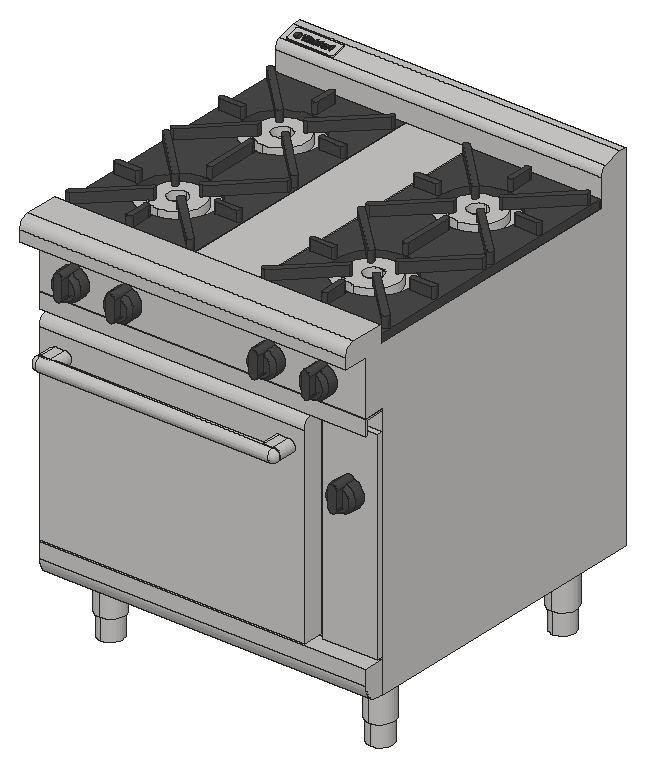
Revit family "QF_MOFFAT WALDORF_RNL8510G", category Specialty Equipment, Revit 2012
Parameters
  Weight in Pounds = 401.2408
  URL Cutsheet = "www.moffat.com"
  URL = "www.moffat.com"
  Type Mark [instance] = ""
  Status [instance] = ""
  Specification by User [instance] = ""
  Specification by Manufacturer = ""
  Show Logo [instance] = yes
  Show Clearance [instance] = yes
  Show Casters [instance] = no
  Serial Number = ""
  Seismic Rating = ""
  SMACNA No = ""
  Revision Code [instance] = ""
  Omniclass Number and Title = ""
  NAFEM Spec ID Number = ""
  Model = "RNL8510G"
  Mechanical Remarks [instance] = ""
  Mechanical Connection Type [instance] = ""
  Masterspec = ""
  Manufacturer = "MOFFAT WALDORF"
  Legs [instance] = not(Show Casters)  # yes
  Item Number [instance] = ""
  Installed By [instance] = ""
  Identify Quantity as Lot [instance] = yes
  Gas Size = 3/4"
  Gas RI Height [instance] = 0 mm
  Gas KW [instance] = 39.4
  Gas Input [instance] = 134590.0 Btu/h
  Gas Connection Height = 0 mm
  Furnished By [instance] = ""
  Foodservice Equipment Identifier [instance] = yes
  Description = "RANGE LOW SPLASHBACK GAS WITH STATIC OVEN"
  CSI MasterFormat = ""
  CSI Master Format = ""
Reference planes
  plane 1 "BACK": y = 0
  plane 2: z = 0
  plane 3 "LEFT": x = 0
  plane 4 "RIGHT": x = 750
  plane 5 "FRONT": y = -805
  plane 6 "TOP": z = 970
  plane 7 "Center Y": x = 375
  plane 8 "Center X": y = -402.5
  plane 9: y = -100
  plane 10 "Base Height": z = 150
  plane 11: x = 65.8
  plane 12: x = 620
  plane 13: x = 685
  plane 14: x = 684.2
  plane 15: y = -500
  plane 16: x = 676
Forms (mm)
  Extrusion 1, solid, material "QF_Finishes_Stainless Steel"
    sketch origin (0, 0, 0) x (0, 1, 0) y (0, 0, 1)
      loop
        line (-805, 891) -> (-805, 866) -> (-749, 866) -> (-749, 740) -> (-699, 740) -> (-699, 150) -> (0, 150) -> (0, 970) -> (-16.5, 970) -> (-58.709, 958.69)
        arc (-58.709, 958.69) -> (-66.975, 950.425) -> (-70, 939.134) r 22.582
        line (-70, 939.134) -> (-70, 875) -> (-705, 875) -> (-705, 915) -> (-781, 915)
        arc (-781, 915) -> (-797.971, 907.971) -> (-805, 891) r 24
      loop
        line (-701, 222.5) -> (-749, 222.5) -> (-749, 188)
        arc (-749, 188) -> (-737.87, 161.13) -> (-711, 150) r 38
        line (-711, 150) -> (-701, 150) -> (-701, 222.5)
      loop
        line (-701, 227.5) -> (-701, 692.5) -> (-722.805, 692.5)
        arc (-722.805, 692.5) -> (-741.328, 684.828) -> (-749, 666.305) r 26.195
        line (-749, 666.305) -> (-749, 227.5) -> (-701, 227.5)
      loop
        line (-749, 738) -> (-749, 703) -> (-745.98, 703) -> (-745.98, 735) -> (-701, 735) -> (-701, 738) -> (-749, 738)
    from 0 to 750
  Extrusion 2, solid, material "QF_Finishes_Stainless Steel"
    sketch origin (555.062, 3, 100) x (1, 0, 0) y (0, 1, 0)
      loop
        circle (65, -35) r 13.5
    from 555 to 640
  Revolve 3, solid, material "QF_Finishes_Stainless Steel", visible <- "Legs"
    sketch origin (65, -165, 0) x (0, 1, 0) y (0, 0, 1)
      loop
        line (33.25, 150) -> (33.25, 50) -> (37.5, 50) -> (37.5, 0) -> (65, 0) -> (65, 150) -> (33.25, 150)
      axis (65, 150) -> (65, 0)
    angle from 0 to 360
  Revolve 4, solid, material "QF_Finishes_Stainless Steel"
    sketch origin (65, -735, 0) x (0, 1, 0) y (0, 0, 1)
      loop
        line (78.25, 150) -> (78.25, 50) -> (82.5, 50) -> (82.5, 0) -> (110, 0) -> (110, 150) -> (78.25, 150)
      axis (110, 150) -> (110, 0)
    angle from 0 to 360
  Extrusion 5, solid, material "QF_Finishes_Black"
    sketch origin (0, -70, 875) x (0, -1, 0) y (1, 0, 0)
      loop
        arc (1, 4) -> (1.879, 1.879) -> (4, 1) r 3
        line (4, 1) -> (631, 1)
        arc (631, 1) -> (633.121, 1.879) -> (634, 4) r 3
        line (634, 4) -> (634, 297)
        arc (634, 297) -> (633.121, 299.121) -> (631, 300) r 3
        line (631, 300) -> (4, 300)
        arc (4, 300) -> (1.879, 299.121) -> (1, 297) r 3
        line (1, 297) -> (1, 4)
      loop
        circle (167.5, 150) r 85
      loop
        circle (467.768, 150) r 85
    from 0 to 19.5
  Extrusion 6, solid, material "QF_Finishes_Black"
    sketch origin (0, -70, 894.5) x (0, -1, 0) y (1, 0, 0)
      loop
        spline (323.602, 15.153) -> (322.681, 13.924) -> (322.131, 12.47) -> (321.99, 10.89) -> (322.267, 9.292) -> (322.943, 7.786) -> (323.973, 6.473) -> (325.286, 5.443) -> (326.792, 4.767) -> (328.39, 4.49) -> (329.97, 4.631) -> (331.424, 5.181) -> (332.653, 6.102)
        line (332.653, 6.102) -> (440.576, 114.025)
        spline (440.576, 114.025) -> (441.337, 115.095) -> (441.738, 116.399) -> (441.751, 117.851) -> (441.375, 119.35) -> (440.637, 120.795) -> (439.586, 122.086) -> (438.295, 123.137) -> (436.85, 123.875) -> (435.351, 124.251) -> (433.899, 124.238) -> (432.595, 123.837) -> (431.525, 123.076)
        line (431.525, 123.076) -> (323.602, 15.153)
      loop
        line (611.398, 15.153) -> (503.475, 123.076)
        spline (503.475, 123.076) -> (502.405, 123.837) -> (501.101, 124.238) -> (499.649, 124.251) -> (498.15, 123.875) -> (496.705, 123.137) -> (495.414, 122.086) -> (494.363, 120.795) -> (493.625, 119.35) -> (493.249, 117.851) -> (493.262, 116.399) -> (493.663, 115.095) -> (494.424, 114.025)
        line (494.424, 114.025) -> (602.347, 6.102)
        spline (602.347, 6.102) -> (603.416, 5.341) -> (604.721, 4.941) -> (606.172, 4.928) -> (607.671, 5.303) -> (609.116, 6.041) -> (610.408, 7.092) -> (611.459, 8.384) -> (612.197, 9.829) -> (612.572, 11.328) -> (612.559, 12.779) -> (612.159, 14.084) -> (611.398, 15.153)
      loop
        spline (375.602, 143.6) -> (376.896, 143.818) -> (378.102, 144.457) -> (379.138, 145.475) -> (379.932, 146.8) -> (380.432, 148.344) -> (380.602, 150) -> (380.432, 151.656) -> (379.932, 153.2) -> (379.138, 154.525) -> (378.102, 155.543) -> (376.896, 156.182) -> (375.602, 156.4)
        line (375.602, 156.4) -> (259.398, 156.4)
        spline (259.398, 156.4) -> (258.104, 156.182) -> (256.898, 155.543) -> (255.862, 154.525) -> (255.068, 153.2) -> (254.568, 151.656) -> (254.398, 150) -> (254.568, 148.344) -> (255.068, 146.8) -> (255.862, 145.475) -> (256.898, 144.457) -> (258.104, 143.818) -> (259.398, 143.6)
        line (259.398, 143.6) -> (375.602, 143.6)
      loop
        spline (23.602, 15.153) -> (22.681, 13.924) -> (22.131, 12.47) -> (21.99, 10.89) -> (22.267, 9.292) -> (22.943, 7.786) -> (23.973, 6.473) -> (25.286, 5.443) -> (26.792, 4.767) -> (28.39, 4.49) -> (29.97, 4.631) -> (31.424, 5.181) -> (32.653, 6.102)
        line (32.653, 6.102) -> (140.576, 114.025)
        spline (140.576, 114.025) -> (141.337, 115.095) -> (141.738, 116.399) -> (141.751, 117.851) -> (141.375, 119.35) -> (140.637, 120.795) -> (139.586, 122.086) -> (138.295, 123.137) -> (136.85, 123.875) -> (135.351, 124.251) -> (133.899, 124.238) -> (132.595, 123.837) -> (131.525, 123.076)
        line (131.525, 123.076) -> (23.602, 15.153)
      loop
        line (311.398, 15.153) -> (203.475, 123.076)
        spline (203.475, 123.076) -> (202.405, 123.837) -> (201.101, 124.238) -> (199.649, 124.251) -> (198.15, 123.875) -> (196.705, 123.137) -> (195.414, 122.086) -> (194.363, 120.795) -> (193.625, 119.35) -> (193.249, 117.851) -> (193.262, 116.399) -> (193.663, 115.095) -> (194.424, 114.025)
        line (194.424, 114.025) -> (302.347, 6.102)
        spline (302.347, 6.102) -> (303.416, 5.341) -> (304.721, 4.941) -> (306.172, 4.928) -> (307.671, 5.303) -> (309.116, 6.041) -> (310.408, 7.092) -> (311.459, 8.384) -> (312.197, 9.829) -> (312.572, 11.328) -> (312.559, 12.779) -> (312.159, 14.084) -> (311.398, 15.153)
      loop
        line (323.602, 284.847) -> (431.525, 176.924)
        spline (431.525, 176.924) -> (432.595, 176.163) -> (433.899, 175.762) -> (435.351, 175.749) -> (436.85, 176.125) -> (438.295, 176.863) -> (439.586, 177.914) -> (440.637, 179.205) -> (441.375, 180.65) -> (441.751, 182.149) -> (441.738, 183.601) -> (441.337, 184.905) -> (440.576, 185.975)
        line (440.576, 185.975) -> (332.653, 293.898)
        spline (332.653, 293.898) -> (331.424, 294.819) -> (329.97, 295.369) -> (328.39, 295.51) -> (326.792, 295.233) -> (325.286, 294.557) -> (323.973, 293.527) -> (322.943, 292.214) -> (322.267, 290.708) -> (321.99, 289.11) -> (322.131, 287.53) -> (322.681, 286.076) -> (323.602, 284.847)
      loop
        spline (611.398, 284.847) -> (612.159, 285.916) -> (612.559, 287.221) -> (612.572, 288.672) -> (612.197, 290.171) -> (611.459, 291.616) -> (610.408, 292.908) -> (609.116, 293.959) -> (607.671, 294.697) -> (606.172, 295.072) -> (604.721, 295.059) -> (603.416, 294.659) -> (602.347, 293.898)
        line (602.347, 293.898) -> (494.424, 185.975)
        spline (494.424, 185.975) -> (493.663, 184.905) -> (493.262, 183.601) -> (493.249, 182.149) -> (493.625, 180.65) -> (494.363, 179.205) -> (495.414, 177.914) -> (496.705, 176.863) -> (498.15, 176.125) -> (499.649, 175.749) -> (501.101, 175.762) -> (502.405, 176.163) -> (503.475, 176.924)
        line (503.475, 176.924) -> (611.398, 284.847)
      loop
        line (23.602, 284.847) -> (131.525, 176.924)
        spline (131.525, 176.924) -> (132.595, 176.163) -> (133.899, 175.762) -> (135.351, 175.749) -> (136.85, 176.125) -> (138.295, 176.863) -> (139.586, 177.914) -> (140.637, 179.205) -> (141.375, 180.65) -> (141.751, 182.149) -> (141.738, 183.601) -> (141.337, 184.905) -> (140.576, 185.975)
        line (140.576, 185.975) -> (32.653, 293.898)
        spline (32.653, 293.898) -> (31.424, 294.819) -> (29.97, 295.369) -> (28.39, 295.51) -> (26.792, 295.233) -> (25.286, 294.557) -> (23.973, 293.527) -> (22.943, 292.214) -> (22.267, 290.708) -> (21.99, 289.11) -> (22.131, 287.53) -> (22.681, 286.076) -> (23.602, 284.847)
      loop
        spline (311.398, 284.847) -> (312.159, 285.916) -> (312.559, 287.221) -> (312.572, 288.672) -> (312.197, 290.171) -> (311.459, 291.616) -> (310.408, 292.908) -> (309.116, 293.959) -> (307.671, 294.697) -> (306.172, 295.072) -> (304.721, 295.059) -> (303.416, 294.659) -> (302.347, 293.898)
        line (302.347, 293.898) -> (194.424, 185.975)
        spline (194.424, 185.975) -> (193.663, 184.905) -> (193.262, 183.601) -> (193.249, 182.149) -> (193.625, 180.65) -> (194.363, 179.205) -> (195.414, 177.914) -> (196.705, 176.863) -> (198.15, 176.125) -> (199.649, 175.749) -> (201.101, 175.762) -> (202.405, 176.163) -> (203.475, 176.924)
        line (203.475, 176.924) -> (311.398, 284.847)
      loop
        spline (73.549, 143.6) -> (74.844, 143.818) -> (76.049, 144.457) -> (77.085, 145.475) -> (77.88, 146.8) -> (78.379, 148.344) -> (78.549, 150) -> (78.379, 151.656) -> (77.88, 153.2) -> (77.085, 154.525) -> (76.049, 155.543) -> (74.844, 156.182) -> (73.549, 156.4)
        line (73.549, 156.4) -> (25.093, 156.4)
        spline (25.093, 156.4) -> (23.799, 156.182) -> (22.593, 155.543) -> (21.558, 154.525) -> (20.763, 153.2) -> (20.264, 151.656) -> (20.093, 150) -> (20.264, 148.344) -> (20.763, 146.8) -> (21.558, 145.475) -> (22.593, 144.457) -> (23.799, 143.818) -> (25.093, 143.6)
        line (25.093, 143.6) -> (73.549, 143.6)
      loop
        spline (607.1, 143.6) -> (608.394, 143.818) -> (609.6, 144.457) -> (610.636, 145.475) -> (611.43, 146.8) -> (611.93, 148.344) -> (612.1, 150) -> (611.93, 151.656) -> (611.43, 153.2) -> (610.636, 154.525) -> (609.6, 155.543) -> (608.394, 156.182) -> (607.1, 156.4)
        line (607.1, 156.4) -> (558.644, 156.4)
        spline (558.644, 156.4) -> (557.35, 156.182) -> (556.144, 155.543) -> (555.108, 154.525) -> (554.314, 153.2) -> (553.814, 151.656) -> (553.644, 150) -> (553.814, 148.344) -> (554.314, 146.8) -> (555.108, 145.475) -> (556.144, 144.457) -> (557.35, 143.818) -> (558.644, 143.6)
        line (558.644, 143.6) -> (607.1, 143.6)
      loop
        spline (461.234, 10.156) -> (461.452, 8.862) -> (462.091, 7.656) -> (463.108, 6.62) -> (464.434, 5.826) -> (465.978, 5.326) -> (467.634, 5.156) -> (469.29, 5.326) -> (470.834, 5.826) -> (472.159, 6.62) -> (473.177, 7.656) -> (473.816, 8.862) -> (474.034, 10.156)
        line (474.034, 10.156) -> (474.034, 58.612)
        spline (474.034, 58.612) -> (473.816, 59.906) -> (473.177, 61.112) -> (472.159, 62.148) -> (470.834, 62.942) -> (469.29, 63.442) -> (467.634, 63.612) -> (465.978, 63.442) -> (464.434, 62.942) -> (463.108, 62.148) -> (462.091, 61.112) -> (461.452, 59.906) -> (461.234, 58.612)
        line (461.234, 58.612) -> (461.234, 10.156)
      loop
        spline (160.966, 10.156) -> (161.184, 8.862) -> (161.823, 7.656) -> (162.841, 6.62) -> (164.166, 5.826) -> (165.71, 5.326) -> (167.366, 5.156) -> (169.022, 5.326) -> (170.566, 5.826) -> (171.892, 6.62) -> (172.909, 7.656) -> (173.548, 8.862) -> (173.766, 10.156)
        line (173.766, 10.156) -> (173.766, 58.612)
        spline (173.766, 58.612) -> (173.548, 59.906) -> (172.909, 61.112) -> (171.892, 62.148) -> (170.566, 62.942) -> (169.022, 63.442) -> (167.366, 63.612) -> (165.71, 63.442) -> (164.166, 62.942) -> (162.841, 62.148) -> (161.823, 61.112) -> (161.184, 59.906) -> (160.966, 58.612)
        line (160.966, 58.612) -> (160.966, 10.156)
      loop
        spline (461.234, 241.636) -> (461.452, 240.342) -> (462.091, 239.136) -> (463.108, 238.1) -> (464.434, 237.306) -> (465.978, 236.806) -> (467.634, 236.636) -> (469.29, 236.806) -> (470.834, 237.306) -> (472.159, 238.1) -> (473.177, 239.136) -> (473.816, 240.342) -> (474.034, 241.636)
        line (474.034, 241.636) -> (474.034, 290.092)
        spline (474.034, 290.092) -> (473.816, 291.386) -> (473.177, 292.592) -> (472.159, 293.628) -> (470.834, 294.422) -> (469.29, 294.922) -> (467.634, 295.092) -> (465.978, 294.922) -> (464.434, 294.422) -> (463.108, 293.628) -> (462.091, 292.592) -> (461.452, 291.386) -> (461.234, 290.092)
        line (461.234, 290.092) -> (461.234, 241.636)
      loop
        spline (160.966, 241.636) -> (161.184, 240.342) -> (161.823, 239.136) -> (162.841, 238.1) -> (164.166, 237.306) -> (165.71, 236.806) -> (167.366, 236.636) -> (169.022, 236.806) -> (170.566, 237.306) -> (171.892, 238.1) -> (172.909, 239.136) -> (173.548, 240.342) -> (173.766, 241.636)
        line (173.766, 241.636) -> (173.766, 290.092)
        spline (173.766, 290.092) -> (173.548, 291.386) -> (172.909, 292.592) -> (171.892, 293.628) -> (170.566, 294.422) -> (169.022, 294.922) -> (167.366, 295.092) -> (165.71, 294.922) -> (164.166, 294.422) -> (162.841, 293.628) -> (161.823, 292.592) -> (161.184, 291.386) -> (160.966, 290.092)
        line (160.966, 290.092) -> (160.966, 241.636)
      loop
        line (323.602, 734.847) -> (431.525, 626.924)
        spline (431.525, 626.924) -> (432.595, 626.163) -> (433.899, 625.762) -> (435.351, 625.749) -> (436.85, 626.125) -> (438.295, 626.863) -> (439.586, 627.914) -> (440.637, 629.205) -> (441.375, 630.65) -> (441.751, 632.149) -> (441.738, 633.601) -> (441.337, 634.905) -> (440.576, 635.975)
        line (440.576, 635.975) -> (332.653, 743.898)
        spline (332.653, 743.898) -> (331.424, 744.819) -> (329.97, 745.369) -> (328.39, 745.51) -> (326.792, 745.233) -> (325.286, 744.557) -> (323.973, 743.527) -> (322.943, 742.214) -> (322.267, 740.708) -> (321.99, 739.11) -> (322.131, 737.53) -> (322.681, 736.076) -> (323.602, 734.847)
      loop
        spline (611.398, 734.847) -> (612.159, 735.916) -> (612.559, 737.221) -> (612.572, 738.672) -> (612.197, 740.171) -> (611.459, 741.616) -> (610.408, 742.908) -> (609.116, 743.959) -> (607.671, 744.697) -> (606.172, 745.072) -> (604.721, 745.059) -> (603.416, 744.659) -> (602.347, 743.898)
        line (602.347, 743.898) -> (494.424, 635.975)
        spline (494.424, 635.975) -> (493.663, 634.905) -> (493.262, 633.601) -> (493.249, 632.149) -> (493.625, 630.65) -> (494.363, 629.205) -> (495.414, 627.914) -> (496.705, 626.863) -> (498.15, 626.125) -> (499.649, 625.749) -> (501.101, 625.762) -> (502.405, 626.163) -> (503.475, 626.924)
        line (503.475, 626.924) -> (611.398, 734.847)
      loop
        line (375.602, 606.4) -> (259.398, 606.4)
        spline (259.398, 606.4) -> (258.104, 606.182) -> (256.898, 605.543) -> (255.862, 604.525) -> (255.068, 603.2) -> (254.568, 601.656) -> (254.398, 600) -> (254.568, 598.344) -> (255.068, 596.8) -> (255.862, 595.475) -> (256.898, 594.457) -> (258.104, 593.818) -> (259.398, 593.6)
        line (259.398, 593.6) -> (375.602, 593.6)
        spline (375.602, 593.6) -> (376.896, 593.818) -> (378.102, 594.457) -> (379.138, 595.475) -> (379.932, 596.8) -> (380.432, 598.344) -> (380.602, 600) -> (380.432, 601.656) -> (379.932, 603.2) -> (379.138, 604.525) -> (378.102, 605.543) -> (376.896, 606.182) -> (375.602, 606.4)
      loop
        line (23.602, 734.847) -> (131.525, 626.924)
        spline (131.525, 626.924) -> (132.595, 626.163) -> (133.899, 625.762) -> (135.351, 625.749) -> (136.85, 626.125) -> (138.295, 626.863) -> (139.586, 627.914) -> (140.637, 629.205) -> (141.375, 630.65) -> (141.751, 632.149) -> (141.738, 633.601) -> (141.337, 634.905) -> (140.576, 635.975)
        line (140.576, 635.975) -> (32.653, 743.898)
        spline (32.653, 743.898) -> (31.424, 744.819) -> (29.97, 745.369) -> (28.39, 745.51) -> (26.792, 745.233) -> (25.286, 744.557) -> (23.973, 743.527) -> (22.943, 742.214) -> (22.267, 740.708) -> (21.99, 739.11) -> (22.131, 737.53) -> (22.681, 736.076) -> (23.602, 734.847)
      loop
        spline (311.398, 734.847) -> (312.159, 735.916) -> (312.559, 737.221) -> (312.572, 738.672) -> (312.197, 740.171) -> (311.459, 741.616) -> (310.408, 742.908) -> (309.116, 743.959) -> (307.671, 744.697) -> (306.172, 745.072) -> (304.721, 745.059) -> (303.416, 744.659) -> (302.347, 743.898)
        line (302.347, 743.898) -> (194.424, 635.975)
        spline (194.424, 635.975) -> (193.663, 634.905) -> (193.262, 633.601) -> (193.249, 632.149) -> (193.625, 630.65) -> (194.363, 629.205) -> (195.414, 627.914) -> (196.705, 626.863) -> (198.15, 626.125) -> (199.649, 625.749) -> (201.101, 625.762) -> (202.405, 626.163) -> (203.475, 626.924)
        line (203.475, 626.924) -> (311.398, 734.847)
      loop
        spline (323.602, 465.153) -> (322.681, 463.924) -> (322.131, 462.47) -> (321.99, 460.89) -> (322.267, 459.292) -> (322.943, 457.786) -> (323.973, 456.473) -> (325.286, 455.443) -> (326.792, 454.767) -> (328.39, 454.49) -> (329.97, 454.631) -> (331.424, 455.181) -> (332.653, 456.102)
        line (332.653, 456.102) -> (440.576, 564.025)
        spline (440.576, 564.025) -> (441.337, 565.095) -> (441.738, 566.399) -> (441.751, 567.851) -> (441.375, 569.35) -> (440.637, 570.795) -> (439.586, 572.086) -> (438.295, 573.137) -> (436.85, 573.875) -> (435.351, 574.251) -> (433.899, 574.238) -> (432.595, 573.837) -> (431.525, 573.076)
        line (431.525, 573.076) -> (323.602, 465.153)
      loop
        line (611.398, 465.153) -> (503.475, 573.076)
        spline (503.475, 573.076) -> (502.405, 573.837) -> (501.101, 574.238) -> (499.649, 574.251) -> (498.15, 573.875) -> (496.705, 573.137) -> (495.414, 572.086) -> (494.363, 570.795) -> (493.625, 569.35) -> (493.249, 567.851) -> (493.262, 566.399) -> (493.663, 565.095) -> (494.424, 564.025)
        line (494.424, 564.025) -> (602.347, 456.102)
        spline (602.347, 456.102) -> (603.416, 455.341) -> (604.721, 454.941) -> (606.172, 454.928) -> (607.671, 455.303) -> (609.116, 456.041) -> (610.408, 457.092) -> (611.459, 458.384) -> (612.197, 459.829) -> (612.572, 461.328) -> (612.559, 462.779) -> (612.159, 464.084) -> (611.398, 465.153)
      loop
        spline (23.602, 465.153) -> (22.681, 463.924) -> (22.131, 462.47) -> (21.99, 460.89) -> (22.267, 459.292) -> (22.943, 457.786) -> (23.973, 456.473) -> (25.286, 455.443) -> (26.792, 454.767) -> (28.39, 454.49) -> (29.97, 454.631) -> (31.424, 455.181) -> (32.653, 456.102)
        line (32.653, 456.102) -> (140.576, 564.025)
        spline (140.576, 564.025) -> (141.337, 565.095) -> (141.738, 566.399) -> (141.751, 567.851) -> (141.375, 569.35) -> (140.637, 570.795) -> (139.586, 572.086) -> (138.295, 573.137) -> (136.85, 573.875) -> (135.351, 574.251) -> (133.899, 574.238) -> (132.595, 573.837) -> (131.525, 573.076)
        line (131.525, 573.076) -> (23.602, 465.153)
      loop
        line (311.398, 465.153) -> (203.475, 573.076)
        spline (203.475, 573.076) -> (202.405, 573.837) -> (201.101, 574.238) -> (199.649, 574.251) -> (198.15, 573.875) -> (196.705, 573.137) -> (195.414, 572.086) -> (194.363, 570.795) -> (193.625, 569.35) -> (193.249, 567.851) -> (193.262, 566.399) -> (193.663, 565.095) -> (194.424, 564.025)
        line (194.424, 564.025) -> (302.347, 456.102)
        spline (302.347, 456.102) -> (303.416, 455.341) -> (304.721, 454.941) -> (306.172, 454.928) -> (307.671, 455.303) -> (309.116, 456.041) -> (310.408, 457.092) -> (311.459, 458.384) -> (312.197, 459.829) -> (312.572, 461.328) -> (312.559, 462.779) -> (312.159, 464.084) -> (311.398, 465.153)
      loop
        line (73.549, 606.4) -> (25.093, 606.4)
        spline (25.093, 606.4) -> (23.799, 606.182) -> (22.593, 605.543) -> (21.558, 604.525) -> (20.763, 603.2) -> (20.264, 601.656) -> (20.093, 600) -> (20.264, 598.344) -> (20.763, 596.8) -> (21.558, 595.475) -> (22.593, 594.457) -> (23.799, 593.818) -> (25.093, 593.6)
        line (25.093, 593.6) -> (73.549, 593.6)
        spline (73.549, 593.6) -> (74.844, 593.818) -> (76.049, 594.457) -> (77.085, 595.475) -> (77.88, 596.8) -> (78.379, 598.344) -> (78.549, 600) -> (78.379, 601.656) -> (77.88, 603.2) -> (77.085, 604.525) -> (76.049, 605.543) -> (74.844, 606.182) -> (73.549, 606.4)
      loop
        line (607.1, 606.4) -> (558.644, 606.4)
        spline (558.644, 606.4) -> (557.35, 606.182) -> (556.144, 605.543) -> (555.108, 604.525) -> (554.314, 603.2) -> (553.814, 601.656) -> (553.644, 600) -> (553.814, 598.344) -> (554.314, 596.8) -> (555.108, 595.475) -> (556.144, 594.457) -> (557.35, 593.818) -> (558.644, 593.6)
        line (558.644, 593.6) -> (607.1, 593.6)
        spline (607.1, 593.6) -> (608.394, 593.818) -> (609.6, 594.457) -> (610.636, 595.475) -> (611.43, 596.8) -> (611.93, 598.344) -> (612.1, 600) -> (611.93, 601.656) -> (611.43, 603.2) -> (610.636, 604.525) -> (609.6, 605.543) -> (608.394, 606.182) -> (607.1, 606.4)
      loop
        line (461.234, 739.844) -> (461.234, 691.388)
        spline (461.234, 691.388) -> (461.452, 690.094) -> (462.091, 688.888) -> (463.108, 687.852) -> (464.434, 687.058) -> (465.978, 686.558) -> (467.634, 686.388) -> (469.29, 686.558) -> (470.834, 687.058) -> (472.159, 687.852) -> (473.177, 688.888) -> (473.816, 690.094) -> (474.034, 691.388)
        line (474.034, 691.388) -> (474.034, 739.844)
        spline (474.034, 739.844) -> (473.816, 741.138) -> (473.177, 742.344) -> (472.159, 743.38) -> (470.834, 744.174) -> (469.29, 744.674) -> (467.634, 744.844) -> (465.978, 744.674) -> (464.434, 744.174) -> (463.108, 743.38) -> (462.091, 742.344) -> (461.452, 741.138) -> (461.234, 739.844)
      loop
        line (160.966, 739.844) -> (160.966, 691.388)
        spline (160.966, 691.388) -> (161.184, 690.094) -> (161.823, 688.888) -> (162.841, 687.852) -> (164.166, 687.058) -> (165.71, 686.558) -> (167.366, 686.388) -> (169.022, 686.558) -> (170.566, 687.058) -> (171.892, 687.852) -> (172.909, 688.888) -> (173.548, 690.094) -> (173.766, 691.388)
        line (173.766, 691.388) -> (173.766, 739.844)
        spline (173.766, 739.844) -> (173.548, 741.138) -> (172.909, 742.344) -> (171.892, 743.38) -> (170.566, 744.174) -> (169.022, 744.674) -> (167.366, 744.844) -> (165.71, 744.674) -> (164.166, 744.174) -> (162.841, 743.38) -> (161.823, 742.344) -> (161.184, 741.138) -> (160.966, 739.844)
      loop
        line (461.234, 508.364) -> (461.234, 459.908)
        spline (461.234, 459.908) -> (461.452, 458.614) -> (462.091, 457.408) -> (463.108, 456.372) -> (464.434, 455.578) -> (465.978, 455.078) -> (467.634, 454.908) -> (469.29, 455.078) -> (470.834, 455.578) -> (472.159, 456.372) -> (473.177, 457.408) -> (473.816, 458.614) -> (474.034, 459.908)
        line (474.034, 459.908) -> (474.034, 508.364)
        spline (474.034, 508.364) -> (473.816, 509.658) -> (473.177, 510.864) -> (472.159, 511.9) -> (470.834, 512.694) -> (469.29, 513.194) -> (467.634, 513.364) -> (465.978, 513.194) -> (464.434, 512.694) -> (463.108, 511.9) -> (462.091, 510.864) -> (461.452, 509.658) -> (461.234, 508.364)
      loop
        line (160.966, 508.364) -> (160.966, 459.908)
        spline (160.966, 459.908) -> (161.184, 458.614) -> (161.823, 457.408) -> (162.841, 456.372) -> (164.166, 455.578) -> (165.71, 455.078) -> (167.366, 454.908) -> (169.022, 455.078) -> (170.566, 455.578) -> (171.892, 456.372) -> (172.909, 457.408) -> (173.548, 458.614) -> (173.766, 459.908)
        line (173.766, 459.908) -> (173.766, 508.364)
        spline (173.766, 508.364) -> (173.548, 509.658) -> (172.909, 510.864) -> (171.892, 511.9) -> (170.566, 512.694) -> (169.022, 513.194) -> (167.366, 513.364) -> (165.71, 513.194) -> (164.166, 512.694) -> (162.841, 511.9) -> (161.823, 510.864) -> (161.184, 509.658) -> (160.966, 508.364)
    from 0 to 23.5
  Revolve 7, solid, material "QF_Finishes_Stainless Steel", visible <- "Legs"
    sketch origin (685, -165, 0) x (0, 1, 0) y (0, 0, -1)
      loop
        line (33.25, -150) -> (65, -150) -> (65, 0) -> (37.5, 0) -> (37.5, -50) -> (33.25, -50) -> (33.25, -150)
      axis (65, -150) -> (65, 0)
    angle from 0 to 360
  Revolve 8, solid, material "QF_Finishes_Stainless Steel"
    sketch origin (685, -735, 0) x (0, 1, 0) y (0, 0, -1)
      loop
        line (78.25, -150) -> (110, -150) -> (110, 0) -> (82.5, 0) -> (82.5, -50) -> (78.25, -50) -> (78.25, -150)
      axis (110, -150) -> (110, 0)
    angle from 0 to 360
  Extrusion 9, solid, material "QF_Finishes_Stainless Steel"
    sketch origin (0, -70, 875) x (0, -1, 0) y (1, 0, 0)
      loop
        line (634, 300) -> (634, 450) -> (0, 450) -> (0, 300) -> (634, 300)
    from 0 to 19.5
  Extrusion 10, void
    sketch origin (0, -749, 227.5) x (0, 0, -1) y (-1, 0, 0)
      loop
        line (-465, -610) -> (-465, -625) -> (0, -625) -> (0, -610) -> (-465, -610)
    from 0 to 50
  Extrusion 11, solid, material "QF_Finishes_Black"
    sketch origin (750, -70, 875) x (0, -1, 0) y (1, 0, 0)
      loop
        line (1, -4) -> (1, -297)
        arc (1, -297) -> (1.879, -299.121) -> (4, -300) r 3
        line (4, -300) -> (631, -300)
        arc (631, -300) -> (633.121, -299.121) -> (634, -297) r 3
        line (634, -297) -> (634, -4)
        arc (634, -4) -> (633.121, -1.879) -> (631, -1) r 3
        line (631, -1) -> (4, -1)
        arc (4, -1) -> (1.879, -1.879) -> (1, -4) r 3
      loop
        circle (167.5, -150) r 85
      loop
        circle (467.768, -150) r 85
    from 0 to 19.5
  Revolve 12, solid, material "QF_Finishes_Black"
    sketch origin (210, 0, 758.895) x (0, -1, 0) y (0, 0, 1)
      loop
        line (782, 69.605) -> (759, 69.605) -> (759, 42.105) -> (749, 42.105) -> (749, 37.105) -> (793, 37.105) -> (793, 63.757) -> (782, 69.605)
      axis (793, 37.105) -> (749, 37.105)
    angle from 0 to 360
  Revolve 13, solid, material "QF_Finishes_Black"
    sketch origin (89.999, 0, 758.768) x (0, 1, 0) y (0, 0, -1)
      loop
        line (-782, -69.5) -> (-759, -69.5) -> (-759, -42) -> (-749, -42) -> (-749, -37) -> (-793, -37) -> (-793, -63.651) -> (-782, -69.5)
      axis (-793, -37) -> (-749, -37)
    angle from 0 to 360
  Extrusion 14, solid, material "QF_Finishes_Black"
    sketch origin (228.269, 0, 758.926) x (-1, 0, 0) y (0, 0, -1)
      loop
        arc (148.269, -24.969) -> (138.269, -14.969) -> (128.269, -24.969) r 10
        line (128.269, -24.969) -> (128.269, -63.969)
        arc (128.269, -63.969) -> (138.269, -73.969) -> (148.269, -63.969) r 10
        line (148.269, -63.969) -> (148.269, -24.969)
    from 759 to 808
  Extrusion 15, solid, material "QF_Finishes_Black"
    sketch origin (349.45, 0, 758.926) x (-1, 0, 0) y (0, 0, -1)
      loop
        arc (148.269, -24.969) -> (138.269, -14.969) -> (128.269, -24.969) r 10
        line (128.269, -24.969) -> (128.269, -63.969)
        arc (128.269, -63.969) -> (138.269, -73.969) -> (148.269, -63.969) r 10
        line (148.269, -63.969) -> (148.269, -24.969)
    from 759 to 808
  Revolve 16, solid, material "QF_Finishes_Black"
    sketch origin (540, 0, 758.895) x (0, -1, 0) y (0, 0, -1)
      loop
        line (782, -69.605) -> (793, -63.757) -> (793, -37.105) -> (749, -37.105) -> (749, -42.105) -> (759, -42.105) -> (759, -69.605) -> (782, -69.605)
      axis (793, -37.105) -> (749, -37.105)
    angle from 0 to 360
  Revolve 17, solid, material "QF_Finishes_Black"
    sketch origin (660.001, 0, 758.768) x (0, 1, 0) y (0, 0, 1)
      loop
        line (-782, 69.5) -> (-793, 63.651) -> (-793, 37) -> (-749, 37) -> (-749, 42) -> (-759, 42) -> (-759, 69.5) -> (-782, 69.5)
      axis (-793, 37) -> (-749, 37)
    angle from 0 to 360
  Extrusion 18, solid, material "QF_Finishes_Black"
    sketch origin (521.731, 0, 758.926) x (1, 0, 0) y (0, 0, 1)
      loop
        line (148.269, 24.969) -> (148.269, 63.969)
        arc (148.269, 63.969) -> (138.269, 73.969) -> (128.269, 63.969) r 10
        line (128.269, 63.969) -> (128.269, 24.969)
        arc (128.269, 24.969) -> (138.269, 14.969) -> (148.269, 24.969) r 10
    from 759 to 808
  Extrusion 19, solid, material "QF_Finishes_Black"
    sketch origin (401.731, 0, 758.926) x (1, 0, 0) y (0, 0, 1)
      loop
        line (148.269, 24.969) -> (148.269, 63.969)
        arc (148.269, 63.969) -> (138.269, 73.969) -> (128.269, 63.969) r 10
        line (128.269, 63.969) -> (128.269, 24.969)
        arc (128.269, 24.969) -> (138.269, 14.969) -> (148.269, 24.969) r 10
    from 759 to 808
  Revolve 20, solid, material "QF_Finishes_Black"
    sketch origin (687.53, 42.5, 355.134) x (0, 1, 0) y (0, 0, 1)
      loop
        line (-782, 229.5) -> (-793, 223.651) -> (-793, 197) -> (-749, 197) -> (-749, 202) -> (-759, 202) -> (-759, 229.5) -> (-782, 229.5)
      axis (-793, 197) -> (-749, 197)
    angle from 0 to 360
  Extrusion 21, solid, material "QF_Finishes_Black"
    sketch origin (549.26, 42.5, 355.292) x (1, 0, 0) y (0, 0, 1)
      loop
        line (148.269, 184.969) -> (148.269, 223.969)
        arc (148.269, 223.969) -> (138.269, 233.969) -> (128.269, 223.969) r 10
        line (128.269, 223.969) -> (128.269, 184.969)
        arc (128.269, 184.969) -> (138.269, 174.969) -> (148.269, 184.969) r 10
    from 759 to 808
  Extrusion 22, solid, material "QF_Door-Drawer Clearances", visible <- "Show Clearance", detail levels coarse
    sketch origin (0, 0, 0) x (0, -1, 0) y (0, 0, 1)
      loop
        line (749, 690.016) -> (749, 227.5) -> (1211.516, 227.5)
        arc (1211.516, 227.5) -> (1076.048, 554.548) -> (749, 690.016) r 462.516
    from 0 to -610
  Extrusion 23, void
    sketch origin (0, 0, 150) x (-1, 0, 0) y (0, -1, 0)
      loop
        line (-681, 87.26) -> (-681, -30.24) -> (-551.5, -30.24) -> (-551.5, 38.76) -> (-600, 87.26) -> (-681, 87.26)
    from 72.5 to 590
  Extrusion 24, void
    sketch origin (35, -749, 227.5) x (0, 0, -1) y (-1, 0, 0)
      loop
        line (-472.5, -590) -> (-472.5, -715) -> (0, -715) -> (0, -590) -> (-472.5, -590)
    from 0 to 35
  Extrusion 25, solid, material "QF_Finishes_Stainless Steel"
    sketch origin (0, -70, 875) x (0, -1, 0) y (1, 0, 0)
      loop
        circle (467.5, 600) r 57
      loop
        circle (167.5, 600) r 57
      loop
        circle (467.5, 600) r 22
      loop
        circle (167.5, 600) r 22
      loop
        circle (467.5, 150) r 57
      loop
        circle (167.5, 150) r 57
      loop
        circle (467.5, 150) r 22
      loop
        circle (167.5, 150) r 22
    from 0 to 19.5
  Extrusion 26, solid, material "QF_Finishes_Stainless Steel"
    sketch origin (0, -749, 227.5) x (0, 0, 1) y (-1, 0, 0)
      loop
        line (380.625, -38.246) -> (380.625, -58.528)
        arc (380.625, -58.528) -> (395.625, -73.528) -> (410.625, -58.528) r 15
        line (410.625, -58.528) -> (410.625, -38.246)
        arc (410.625, -38.246) -> (395.625, -23.246) -> (380.625, -38.246) r 15
      loop
        arc (380.625, -573.039) -> (395.625, -588.039) -> (410.625, -573.039) r 15
        line (410.625, -573.039) -> (410.625, -552.757)
        arc (410.625, -552.757) -> (395.625, -537.757) -> (380.625, -552.757) r 15
        line (380.625, -552.757) -> (380.625, -573.039)
    from 0 to 44
  Revolve 27, solid, material "QF_Finishes_Stainless Steel"
    sketch origin (0, -793, 0) x (1, 0, 0) y (0, 0, 1)
      loop
        arc (588.039, 623.125) -> (583.646, 633.732) -> (573.039, 638.125) r 15
        line (573.039, 638.125) -> (38.246, 638.125)
        arc (38.246, 638.125) -> (27.64, 633.732) -> (23.246, 623.125) r 15
        line (23.246, 623.125) -> (588.039, 623.125)
      axis (588.039, 623.125) -> (23.246, 623.125)
    angle from 0 to 360
Cuts and joins
  Extrusion 10, Extrusion 23, Extrusion 24 cuts Extrusion 1
Lines and regions (mm)
  Split face 1
    outline origin (22.5, -20.122, 969.029) x (0, -0.965926, -0.258819) y (1, 0, 0)
      loop
        line (1.427, 105.5) -> (30.795, 105.5) -> (30.795, 125.5) -> (1.427, 125.5) -> (1.427, 105.5)
  Split face 2
    outline origin (49.289, -20.122, 969.029) x (0, -0.965926, -0.258819) y (1, 0, 0)
      loop
        line (1.427, 105.5) -> (30.795, 105.5) -> (30.795, 125.5) -> (1.427, 125.5) -> (1.427, 105.5)
  Split face 3
    outline origin (76.967, -20.122, 969.029) x (0, -0.965926, -0.258819) y (1, 0, 0)
      loop
        line (1.427, 105.5) -> (30.795, 105.5) -> (30.795, 125.5) -> (1.427, 125.5) -> (1.427, 105.5)
  Split face 4
    outline origin (103.591, -20.122, 969.029) x (0, -0.965926, -0.258819) y (1, 0, 0)
      loop
        line (1.427, 105.5) -> (30.795, 105.5) -> (30.795, 125.5) -> (1.427, 125.5) -> (1.427, 105.5)
  Split face 5
    outline origin (130.215, -20.122, 969.029) x (0, -0.965926, -0.258819) y (1, 0, 0)
      loop
        line (1.427, 105.5) -> (30.795, 105.5) -> (30.795, 125.5) -> (1.427, 125.5) -> (1.427, 105.5)
  Split face 6
    outline origin (157.366, -20.122, 969.029) x (0, -0.965926, -0.258819) y (1, 0, 0)
      loop
        line (1.427, 105.5) -> (30.795, 105.5) -> (30.795, 125.5) -> (1.427, 125.5) -> (1.427, 105.5)
  Split face 7
    outline origin (184.781, -20.122, 969.029) x (0, -0.965926, -0.258819) y (1, 0, 0)
      loop
        line (1.427, 105.5) -> (30.795, 105.5) -> (30.795, 125.5) -> (1.427, 125.5) -> (1.427, 105.5)
  Split face 8
    outline origin (212.196, -20.122, 969.029) x (0, -0.965926, -0.258819) y (1, 0, 0)
      loop
        line (1.427, 105.5) -> (30.795, 105.5) -> (30.795, 125.5) -> (1.427, 125.5) -> (1.427, 105.5)
  Split face 9
    outline origin (239.61, -20.122, 969.029) x (0, -0.965926, -0.258819) y (1, 0, 0)
      loop
        line (1.427, 105.5) -> (30.795, 105.5) -> (30.795, 125.5) -> (1.427, 125.5) -> (1.427, 105.5)
  Split face 10
    outline origin (267.025, -20.122, 969.029) x (0, -0.965926, -0.258819) y (1, 0, 0)
      loop
        line (1.427, 105.5) -> (30.795, 105.5) -> (30.795, 125.5) -> (1.427, 125.5) -> (1.427, 105.5)
  Split face 11
    outline origin (294.44, -20.122, 969.029) x (0, -0.965926, -0.258819) y (1, 0, 0)
      loop
        line (1.427, 105.5) -> (30.795, 105.5) -> (30.795, 125.5) -> (1.427, 125.5) -> (1.427, 105.5)
  Split face 12
    outline origin (321.855, -20.122, 969.029) x (0, -0.965926, -0.258819) y (1, 0, 0)
      loop
        line (1.427, 105.5) -> (30.795, 105.5) -> (30.795, 125.5) -> (1.427, 125.5) -> (1.427, 105.5)
  Split face 13
    outline origin (349.27, -20.122, 969.029) x (0, -0.965926, -0.258819) y (1, 0, 0)
      loop
        line (1.427, 105.5) -> (30.795, 105.5) -> (30.795, 125.5) -> (1.427, 125.5) -> (1.427, 105.5)
  Split face 14
    outline origin (376.684, -20.122, 969.029) x (0, -0.965926, -0.258819) y (1, 0, 0)
      loop
        line (1.427, 105.5) -> (30.795, 105.5) -> (30.795, 125.5) -> (1.427, 125.5) -> (1.427, 105.5)
  Split face 15
    outline origin (404.099, -20.122, 969.029) x (0, -0.965926, -0.258819) y (1, 0, 0)
      loop
        line (1.427, 105.5) -> (30.795, 105.5) -> (30.795, 125.5) -> (1.427, 125.5) -> (1.427, 105.5)
  Split face 16
    outline origin (431.514, -20.122, 969.029) x (0, -0.965926, -0.258819) y (1, 0, 0)
      loop
        line (1.427, 105.5) -> (30.795, 105.5) -> (30.795, 125.5) -> (1.427, 125.5) -> (1.427, 105.5)
  Split face 17
    outline origin (458.929, -20.122, 969.029) x (0, -0.965926, -0.258819) y (1, 0, 0)
      loop
        line (1.427, 105.5) -> (30.795, 105.5) -> (30.795, 125.5) -> (1.427, 125.5) -> (1.427, 105.5)
  Split face 18
    outline origin (486.343, -20.122, 969.029) x (0, -0.965926, -0.258819) y (1, 0, 0)
      loop
        line (1.427, 105.5) -> (30.795, 105.5) -> (30.795, 125.5) -> (1.427, 125.5) -> (1.427, 105.5)
  Split face 19
    outline origin (0, -70, 894.5) x (0, -1, 0) y (1, 0, 0)
      loop
        circle (45.037, 327.576) r 8
  Split face 20
    outline origin (47.424, -70, 894.5) x (0, -1, 0) y (1, 0, 0)
      loop
        circle (45.037, 327.576) r 8
  Split face 21
    outline origin (750, -70, 894.5) x (0, -1, 0) y (1, 0, 0)
      loop
        circle (45.037, -327.576) r 8
  Split face 22
    outline origin (0, -104, 894.5) x (0, -1, 0) y (1, 0, 0)
      loop
        circle (45.037, 327.576) r 8
  Split face 23
    outline origin (47.424, -104, 894.5) x (0, -1, 0) y (1, 0, 0)
      loop
        circle (45.037, 327.576) r 8
  Split face 24
    outline origin (750, -104, 894.5) x (0, -1, 0) y (1, 0, 0)
      loop
        circle (45.037, -327.576) r 8
  Split face 25
    outline origin (0, -138, 894.5) x (0, -1, 0) y (1, 0, 0)
      loop
        circle (45.037, 327.576) r 8
  Split face 26
    outline origin (47.424, -138, 894.5) x (0, -1, 0) y (1, 0, 0)
      loop
        circle (45.037, 327.576) r 8
  Split face 27
    outline origin (750, -138, 894.5) x (0, -1, 0) y (1, 0, 0)
      loop
        circle (45.037, -327.576) r 8
  Split face 28
    outline origin (0, -172, 894.5) x (0, -1, 0) y (1, 0, 0)
      loop
        circle (45.037, 327.576) r 8
  Split face 29
    outline origin (47.424, -172, 894.5) x (0, -1, 0) y (1, 0, 0)
      loop
        circle (45.037, 327.576) r 8
  Split face 30
    outline origin (750, -172, 894.5) x (0, -1, 0) y (1, 0, 0)
      loop
        circle (45.037, -327.576) r 8
  Split face 31
    outline origin (0, -206, 894.5) x (0, -1, 0) y (1, 0, 0)
      loop
        circle (45.037, 327.576) r 8
  Split face 32
    outline origin (47.424, -206, 894.5) x (0, -1, 0) y (1, 0, 0)
      loop
        circle (45.037, 327.576) r 8
  Split face 33
    outline origin (750, -206, 894.5) x (0, -1, 0) y (1, 0, 0)
      loop
        circle (45.037, -327.576) r 8
  Split face 34
    outline origin (0, -240, 894.5) x (0, -1, 0) y (1, 0, 0)
      loop
        circle (45.037, 327.576) r 8
  Split face 35
    outline origin (47.424, -240, 894.5) x (0, -1, 0) y (1, 0, 0)
      loop
        circle (45.037, 327.576) r 8
  Split face 36
    outline origin (750, -240, 894.5) x (0, -1, 0) y (1, 0, 0)
      loop
        circle (45.037, -327.576) r 8
  Split face 37
    outline origin (0, -274, 894.5) x (0, -1, 0) y (1, 0, 0)
      loop
        circle (45.037, 327.576) r 8
  Split face 38
    outline origin (47.424, -274, 894.5) x (0, -1, 0) y (1, 0, 0)
      loop
        circle (45.037, 327.576) r 8
  Split face 39
    outline origin (750, -274, 894.5) x (0, -1, 0) y (1, 0, 0)
      loop
        circle (45.037, -327.576) r 8
  Split face 40
    outline origin (0, -308, 894.5) x (0, -1, 0) y (1, 0, 0)
      loop
        circle (45.037, 327.576) r 8
  Split face 41
    outline origin (47.424, -308, 894.5) x (0, -1, 0) y (1, 0, 0)
      loop
        circle (45.037, 327.576) r 8
  Split face 42
    outline origin (750, -308, 894.5) x (0, -1, 0) y (1, 0, 0)
      loop
        circle (45.037, -327.576) r 8
  Split face 43
    outline origin (0, -342, 894.5) x (0, -1, 0) y (1, 0, 0)
      loop
        circle (45.037, 327.576) r 8
  Split face 44
    outline origin (47.424, -342, 894.5) x (0, -1, 0) y (1, 0, 0)
      loop
        circle (45.037, 327.576) r 8
  Split face 45
    outline origin (750, -342, 894.5) x (0, -1, 0) y (1, 0, 0)
      loop
        circle (45.037, -327.576) r 8
  Split face 46
    outline origin (0, -376, 894.5) x (0, -1, 0) y (1, 0, 0)
      loop
        circle (45.037, 327.576) r 8
  Split face 47
    outline origin (47.424, -376, 894.5) x (0, -1, 0) y (1, 0, 0)
      loop
        circle (45.037, 327.576) r 8
  Split face 48
    outline origin (750, -376, 894.5) x (0, -1, 0) y (1, 0, 0)
      loop
        circle (45.037, -327.576) r 8
  Split face 49
    outline origin (0, -410, 894.5) x (0, -1, 0) y (1, 0, 0)
      loop
        circle (45.037, 327.576) r 8
  Split face 50
    outline origin (47.424, -410, 894.5) x (0, -1, 0) y (1, 0, 0)
      loop
        circle (45.037, 327.576) r 8
  Split face 51
    outline origin (750, -410, 894.5) x (0, -1, 0) y (1, 0, 0)
      loop
        circle (45.037, -327.576) r 8
  Split face 52
    outline origin (0, -444, 894.5) x (0, -1, 0) y (1, 0, 0)
      loop
        circle (45.037, 327.576) r 8
  Split face 53
    outline origin (47.424, -444, 894.5) x (0, -1, 0) y (1, 0, 0)
      loop
        circle (45.037, 327.576) r 8
  Split face 54
    outline origin (750, -444, 894.5) x (0, -1, 0) y (1, 0, 0)
      loop
        circle (45.037, -327.576) r 8
  Split face 55
    outline origin (0, -478, 894.5) x (0, -1, 0) y (1, 0, 0)
      loop
        circle (45.037, 327.576) r 8
  Split face 56
    outline origin (47.424, -478, 894.5) x (0, -1, 0) y (1, 0, 0)
      loop
        circle (45.037, 327.576) r 8
  Split face 57
    outline origin (750, -478, 894.5) x (0, -1, 0) y (1, 0, 0)
      loop
        circle (45.037, -327.576) r 8
  Split face 58
    outline origin (0, -512, 894.5) x (0, -1, 0) y (1, 0, 0)
      loop
        circle (45.037, 327.576) r 8
  Split face 59
    outline origin (47.424, -512, 894.5) x (0, -1, 0) y (1, 0, 0)
      loop
        circle (45.037, 327.576) r 8
  Split face 60
    outline origin (750, -512, 894.5) x (0, -1, 0) y (1, 0, 0)
      loop
        circle (45.037, -327.576) r 8
  Split face 61
    outline origin (0, -546, 894.5) x (0, -1, 0) y (1, 0, 0)
      loop
        circle (45.037, 327.576) r 8
  Split face 62
    outline origin (47.424, -546, 894.5) x (0, -1, 0) y (1, 0, 0)
      loop
        circle (45.037, 327.576) r 8
  Split face 63
    outline origin (750, -546, 894.5) x (0, -1, 0) y (1, 0, 0)
      loop
        circle (45.037, -327.576) r 8
  Split face 64
    outline origin (0, -580, 894.5) x (0, -1, 0) y (1, 0, 0)
      loop
        circle (45.037, 327.576) r 8
  Split face 65
    outline origin (47.424, -580, 894.5) x (0, -1, 0) y (1, 0, 0)
      loop
        circle (45.037, 327.576) r 8
  Split face 66
    outline origin (750, -580, 894.5) x (0, -1, 0) y (1, 0, 0)
      loop
        circle (45.037, -327.576) r 8
  Split face 67
    outline origin (0, -614, 894.5) x (0, -1, 0) y (1, 0, 0)
      loop
        circle (45.037, 327.576) r 8
  Split face 68
    outline origin (47.424, -614, 894.5) x (0, -1, 0) y (1, 0, 0)
      loop
        circle (45.037, 327.576) r 8
  Split face 69
    outline origin (750, -614, 894.5) x (0, -1, 0) y (1, 0, 0)
      loop
        circle (45.037, -327.576) r 8
  symbolic lines
    curve 1: line (0, 0, 0) -> (0, -805, 0)
    curve 2: line (750, 0, 0) -> (0, 0, 0)
    curve 3: line (750, -805, 0) -> (750, 0, 0)
    curve 4: line (0, -805, 0) -> (750, -805, 0)
    curve 9: line (750, -705, 0) -> (0, -705, 0)
    curve 10: line (128, -50.782, 0) -> (128, -20.984, 0)
    curve 11: line (128, -20.984, 0) -> (148, -20.984, 0)
    curve 12: line (148, -20.984, 0) -> (148, -50.782, 0)
    curve 13: line (148, -50.782, 0) -> (128, -50.782, 0)
    curve 14: line (154.789, -50.782, 0) -> (154.789, -20.984, 0)
    curve 15: line (154.789, -20.984, 0) -> (174.789, -20.984, 0)
    curve 16: line (174.789, -20.984, 0) -> (174.789, -50.782, 0)
    curve 17: line (174.789, -50.782, 0) -> (154.789, -50.782, 0)
    curve 18: line (182.467, -20.984, 0) -> (202.467, -20.984, 0)
    curve 19: line (202.467, -20.984, 0) -> (202.467, -50.782, 0)
    curve 20: line (202.467, -50.782, 0) -> (182.467, -50.782, 0)
    curve 21: line (182.467, -50.782, 0) -> (182.467, -20.984, 0)
    curve 22: line (229.091, -20.984, 0) -> (209.091, -20.984, 0)
    curve 23: line (209.091, -20.984, 0) -> (209.091, -50.782, 0)
    curve 24: line (209.091, -50.782, 0) -> (229.091, -50.782, 0)
    curve 25: line (229.091, -50.782, 0) -> (229.091, -20.984, 0)
    curve 26: line (255.715, -20.984, 0) -> (235.715, -20.984, 0)
    curve 27: line (235.715, -20.984, 0) -> (235.715, -50.782, 0)
    curve 28: line (235.715, -50.782, 0) -> (255.715, -50.782, 0)
    curve 29: line (255.715, -50.782, 0) -> (255.715, -20.984, 0)
    curve 30: arc (150, -180.5, 0) -> (93, -237.5, 0) -> (150, -294.5, 0) r 57
    curve 31: arc (150, -294.5, 0) -> (207, -237.5, 0) -> (150, -180.5, 0) r 57
    curve 32: arc (150, -480.5, 0) -> (93, -537.5, 0) -> (150, -594.5, 0) r 57
    curve 33: arc (150, -594.5, 0) -> (207, -537.5, 0) -> (150, -480.5, 0) r 57
    curve 34: line (5.842, -93.966, 0) -> (121.036, -209.16, 0)
    curve 35: line (149.988, -91.33, 0) -> (149.988, -152.5, 0)
    curve 36: line (4.26, -237.366, 0) -> (64.26, -237.366, 0)
    curve 37: line (121.121, -265.113, 0) -> (6.585, -379.648, 0)
    curve 38: line (177.796, -265.64, 0) -> (287.397, -375.241, 0)
    curve 39: line (149.988, -322.5, 0) -> (149.988, -440.603, 0)
    curve 40: line (176.788, -209.684, 0) -> (286.472, -100, 0)
    curve 41: line (5.842, -681.034, 0) -> (121.036, -565.84, 0)
    curve 42: line (150.033, -683.67, 0) -> (150.033, -622.768, 0)
    curve 43: line (4.26, -537.634, 0) -> (64.26, -537.634, 0)
    curve 44: line (121.121, -509.887, 0) -> (6.585, -395.352, 0)
    curve 45: line (177.796, -509.36, 0) -> (284.656, -402.5, 0)
    curve 46: line (176.788, -565.316, 0) -> (286.389, -674.918, 0)
    curve 47: line (0, -70, 0) -> (750, -70, 0)
    curve 48: line (0, -387.5, 0) -> (300, -387.5, 0)
    curve 49: line (282.652, -20.984, 0) -> (262.652, -20.984, 0)
    curve 50: line (262.652, -20.984, 0) -> (262.652, -50.782, 0)
    curve 51: line (262.652, -50.782, 0) -> (282.652, -50.782, 0)
    curve 52: line (282.652, -50.782, 0) -> (282.652, -20.984, 0)
    curve 53: line (310.066, -20.984, 0) -> (290.066, -20.984, 0)
    curve 54: line (290.066, -20.984, 0) -> (290.066, -50.782, 0)
    curve 55: line (290.066, -50.782, 0) -> (310.066, -50.782, 0)
    curve 56: line (310.066, -50.782, 0) -> (310.066, -20.984, 0)
    curve 57: line (337.481, -20.984, 0) -> (317.481, -20.984, 0)
    curve 58: line (317.481, -20.984, 0) -> (317.481, -50.782, 0)
    curve 59: line (317.481, -50.782, 0) -> (337.481, -50.782, 0)
    curve 60: line (337.481, -50.782, 0) -> (337.481, -20.984, 0)
    curve 61: line (364.896, -20.984, 0) -> (344.896, -20.984, 0)
    curve 62: line (344.896, -20.984, 0) -> (344.896, -50.782, 0)
    curve 63: line (344.896, -50.782, 0) -> (364.896, -50.782, 0)
    curve 64: line (364.896, -50.782, 0) -> (364.896, -20.984, 0)
    curve 65: line (392.311, -20.984, 0) -> (372.311, -20.984, 0)
    curve 66: line (372.311, -20.984, 0) -> (372.311, -50.782, 0)
    curve 67: line (372.311, -50.782, 0) -> (392.311, -50.782, 0)
    curve 68: line (392.311, -50.782, 0) -> (392.311, -20.984, 0)
    curve 69: line (419.725, -20.984, 0) -> (399.725, -20.984, 0)
    curve 70: line (399.725, -20.984, 0) -> (399.725, -50.782, 0)
    curve 71: line (399.725, -50.782, 0) -> (419.725, -50.782, 0)
    curve 72: line (419.725, -50.782, 0) -> (419.725, -20.984, 0)
    curve 73: line (447.14, -20.984, 0) -> (427.14, -20.984, 0)
    curve 74: line (427.14, -20.984, 0) -> (427.14, -50.782, 0)
    curve 75: line (427.14, -50.782, 0) -> (447.14, -50.782, 0)
    curve 76: line (447.14, -50.782, 0) -> (447.14, -20.984, 0)
    curve 77: arc (327.576, -123.037, 0) -> (335.576, -115.037, 0) -> (327.576, -107.037, 0) r 8
    curve 78: arc (327.576, -107.037, 0) -> (319.576, -115.037, 0) -> (327.576, -123.037, 0) r 8
    curve 79: arc (375, -123.037, 0) -> (383, -115.037, 0) -> (375, -107.037, 0) r 8
    curve 80: arc (375, -107.037, 0) -> (367, -115.037, 0) -> (375, -123.037, 0) r 8
    curve 81: arc (422.424, -123.037, 0) -> (430.424, -115.037, 0) -> (422.424, -107.037, 0) r 8
    curve 82: arc (422.424, -107.037, 0) -> (414.424, -115.037, 0) -> (422.424, -123.037, 0) r 8
    curve 83: arc (327.576, -157.037, 0) -> (335.576, -149.037, 0) -> (327.576, -141.037, 0) r 8
    curve 84: arc (327.576, -141.037, 0) -> (319.576, -149.037, 0) -> (327.576, -157.037, 0) r 8
    curve 85: arc (375, -157.037, 0) -> (383, -149.037, 0) -> (375, -141.037, 0) r 8
    curve 86: arc (375, -141.037, 0) -> (367, -149.037, 0) -> (375, -157.037, 0) r 8
    curve 87: arc (422.424, -157.037, 0) -> (430.424, -149.037, 0) -> (422.424, -141.037, 0) r 8
    curve 88: arc (422.424, -141.037, 0) -> (414.424, -149.037, 0) -> (422.424, -157.037, 0) r 8
    curve 89: arc (327.576, -191.037, 0) -> (335.576, -183.037, 0) -> (327.576, -175.037, 0) r 8
    curve 90: arc (327.576, -175.037, 0) -> (319.576, -183.037, 0) -> (327.576, -191.037, 0) r 8
    curve 91: arc (375, -191.037, 0) -> (383, -183.037, 0) -> (375, -175.037, 0) r 8
    curve 92: arc (375, -175.037, 0) -> (367, -183.037, 0) -> (375, -191.037, 0) r 8
    curve 93: arc (422.424, -191.037, 0) -> (430.424, -183.037, 0) -> (422.424, -175.037, 0) r 8
    curve 94: arc (422.424, -175.037, 0) -> (414.424, -183.037, 0) -> (422.424, -191.037, 0) r 8
    curve 95: arc (327.576, -225.037, 0) -> (335.576, -217.037, 0) -> (327.576, -209.037, 0) r 8
    curve 96: arc (327.576, -209.037, 0) -> (319.576, -217.037, 0) -> (327.576, -225.037, 0) r 8
    curve 97: arc (375, -225.037, 0) -> (383, -217.037, 0) -> (375, -209.037, 0) r 8
    curve 98: arc (375, -209.037, 0) -> (367, -217.037, 0) -> (375, -225.037, 0) r 8
    curve 99: arc (422.424, -225.037, 0) -> (430.424, -217.037, 0) -> (422.424, -209.037, 0) r 8
    curve 100: arc (422.424, -209.037, 0) -> (414.424, -217.037, 0) -> (422.424, -225.037, 0) r 8
    curve 101: arc (327.576, -259.037, 0) -> (335.576, -251.037, 0) -> (327.576, -243.037, 0) r 8
    curve 102: arc (327.576, -243.037, 0) -> (319.576, -251.037, 0) -> (327.576, -259.037, 0) r 8
    curve 103: arc (375, -259.037, 0) -> (383, -251.037, 0) -> (375, -243.037, 0) r 8
    curve 104: arc (375, -243.037, 0) -> (367, -251.037, 0) -> (375, -259.037, 0) r 8
    curve 105: arc (422.424, -259.037, 0) -> (430.424, -251.037, 0) -> (422.424, -243.037, 0) r 8
    curve 106: arc (422.424, -243.037, 0) -> (414.424, -251.037, 0) -> (422.424, -259.037, 0) r 8
    curve 107: arc (327.576, -293.037, 0) -> (335.576, -285.037, 0) -> (327.576, -277.037, 0) r 8
    curve 108: arc (327.576, -277.037, 0) -> (319.576, -285.037, 0) -> (327.576, -293.037, 0) r 8
    curve 109: arc (375, -293.037, 0) -> (383, -285.037, 0) -> (375, -277.037, 0) r 8
    curve 110: arc (375, -277.037, 0) -> (367, -285.037, 0) -> (375, -293.037, 0) r 8
    curve 111: arc (422.424, -293.037, 0) -> (430.424, -285.037, 0) -> (422.424, -277.037, 0) r 8
    curve 112: arc (422.424, -277.037, 0) -> (414.424, -285.037, 0) -> (422.424, -293.037, 0) r 8
    curve 113: arc (327.576, -327.037, 0) -> (335.576, -319.037, 0) -> (327.576, -311.037, 0) r 8
    curve 114: arc (327.576, -311.037, 0) -> (319.576, -319.037, 0) -> (327.576, -327.037, 0) r 8
    curve 115: arc (375, -327.037, 0) -> (383, -319.037, 0) -> (375, -311.037, 0) r 8
    curve 116: arc (375, -311.037, 0) -> (367, -319.037, 0) -> (375, -327.037, 0) r 8
    curve 117: arc (422.424, -327.037, 0) -> (430.424, -319.037, 0) -> (422.424, -311.037, 0) r 8
    curve 118: arc (422.424, -311.037, 0) -> (414.424, -319.037, 0) -> (422.424, -327.037, 0) r 8
    curve 119: arc (327.576, -361.037, 0) -> (335.576, -353.037, 0) -> (327.576, -345.037, 0) r 8
    curve 120: arc (327.576, -345.037, 0) -> (319.576, -353.037, 0) -> (327.576, -361.037, 0) r 8
    curve 121: arc (375, -361.037, 0) -> (383, -353.037, 0) -> (375, -345.037, 0) r 8
    curve 122: arc (375, -345.037, 0) -> (367, -353.037, 0) -> (375, -361.037, 0) r 8
    curve 123: arc (422.424, -361.037, 0) -> (430.424, -353.037, 0) -> (422.424, -345.037, 0) r 8
    curve 124: arc (422.424, -345.037, 0) -> (414.424, -353.037, 0) -> (422.424, -361.037, 0) r 8
    curve 125: arc (327.576, -395.037, 0) -> (335.576, -387.037, 0) -> (327.576, -379.037, 0) r 8
    curve 126: arc (327.576, -379.037, 0) -> (319.576, -387.037, 0) -> (327.576, -395.037, 0) r 8
    curve 127: arc (375, -395.037, 0) -> (383, -387.037, 0) -> (375, -379.037, 0) r 8
    curve 128: arc (375, -379.037, 0) -> (367, -387.037, 0) -> (375, -395.037, 0) r 8
    curve 129: arc (422.424, -395.037, 0) -> (430.424, -387.037, 0) -> (422.424, -379.037, 0) r 8
    curve 130: arc (422.424, -379.037, 0) -> (414.424, -387.037, 0) -> (422.424, -395.037, 0) r 8
    curve 131: arc (327.576, -429.037, 0) -> (335.576, -421.037, 0) -> (327.576, -413.037, 0) r 8
    curve 132: arc (327.576, -413.037, 0) -> (319.576, -421.037, 0) -> (327.576, -429.037, 0) r 8
    curve 133: arc (375, -429.037, 0) -> (383, -421.037, 0) -> (375, -413.037, 0) r 8
    curve 134: arc (375, -413.037, 0) -> (367, -421.037, 0) -> (375, -429.037, 0) r 8
    curve 135: arc (422.424, -429.037, 0) -> (430.424, -421.037, 0) -> (422.424, -413.037, 0) r 8
    curve 136: arc (422.424, -413.037, 0) -> (414.424, -421.037, 0) -> (422.424, -429.037, 0) r 8
    curve 137: arc (327.576, -463.037, 0) -> (335.576, -455.037, 0) -> (327.576, -447.037, 0) r 8
    curve 138: arc (327.576, -447.037, 0) -> (319.576, -455.037, 0) -> (327.576, -463.037, 0) r 8
    curve 139: arc (375, -463.037, 0) -> (383, -455.037, 0) -> (375, -447.037, 0) r 8
    curve 140: arc (375, -447.037, 0) -> (367, -455.037, 0) -> (375, -463.037, 0) r 8
    curve 141: arc (422.424, -463.037, 0) -> (430.424, -455.037, 0) -> (422.424, -447.037, 0) r 8
    curve 142: arc (422.424, -447.037, 0) -> (414.424, -455.037, 0) -> (422.424, -463.037, 0) r 8
    curve 143: arc (327.576, -497.037, 0) -> (335.576, -489.037, 0) -> (327.576, -481.037, 0) r 8
    curve 144: arc (327.576, -481.037, 0) -> (319.576, -489.037, 0) -> (327.576, -497.037, 0) r 8
    curve 145: arc (375, -497.037, 0) -> (383, -489.037, 0) -> (375, -481.037, 0) r 8
    curve 146: arc (375, -481.037, 0) -> (367, -489.037, 0) -> (375, -497.037, 0) r 8
    curve 147: arc (422.424, -497.037, 0) -> (430.424, -489.037, 0) -> (422.424, -481.037, 0) r 8
    curve 148: arc (422.424, -481.037, 0) -> (414.424, -489.037, 0) -> (422.424, -497.037, 0) r 8
    curve 149: arc (327.576, -531.037, 0) -> (335.576, -523.037, 0) -> (327.576, -515.037, 0) r 8
    curve 150: arc (327.576, -515.037, 0) -> (319.576, -523.037, 0) -> (327.576, -531.037, 0) r 8
    curve 151: arc (375, -531.037, 0) -> (383, -523.037, 0) -> (375, -515.037, 0) r 8
    curve 152: arc (375, -515.037, 0) -> (367, -523.037, 0) -> (375, -531.037, 0) r 8
    curve 153: arc (422.424, -531.037, 0) -> (430.424, -523.037, 0) -> (422.424, -515.037, 0) r 8
    curve 154: arc (422.424, -515.037, 0) -> (414.424, -523.037, 0) -> (422.424, -531.037, 0) r 8
    curve 155: arc (327.576, -565.037, 0) -> (335.576, -557.037, 0) -> (327.576, -549.037, 0) r 8
    curve 156: arc (327.576, -549.037, 0) -> (319.576, -557.037, 0) -> (327.576, -565.037, 0) r 8
    curve 157: arc (375, -565.037, 0) -> (383, -557.037, 0) -> (375, -549.037, 0) r 8
    curve 158: arc (375, -549.037, 0) -> (367, -557.037, 0) -> (375, -565.037, 0) r 8
    curve 159: arc (422.424, -565.037, 0) -> (430.424, -557.037, 0) -> (422.424, -549.037, 0) r 8
    curve 160: arc (422.424, -549.037, 0) -> (414.424, -557.037, 0) -> (422.424, -565.037, 0) r 8
    curve 161: arc (327.576, -599.037, 0) -> (335.576, -591.037, 0) -> (327.576, -583.037, 0) r 8
    curve 162: arc (327.576, -583.037, 0) -> (319.576, -591.037, 0) -> (327.576, -599.037, 0) r 8
    curve 163: arc (375, -599.037, 0) -> (383, -591.037, 0) -> (375, -583.037, 0) r 8
    curve 164: arc (375, -583.037, 0) -> (367, -591.037, 0) -> (375, -599.037, 0) r 8
    curve 165: arc (422.424, -599.037, 0) -> (430.424, -591.037, 0) -> (422.424, -583.037, 0) r 8
    curve 166: arc (422.424, -583.037, 0) -> (414.424, -591.037, 0) -> (422.424, -599.037, 0) r 8
    curve 167: arc (327.576, -633.037, 0) -> (335.576, -625.037, 0) -> (327.576, -617.037, 0) r 8
